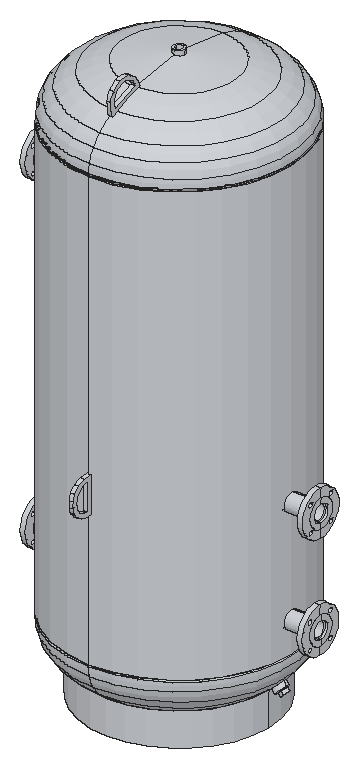
Revit family "HBT-210-22", category Generic Models, Revit 2014
Parameters (values of type "HBT-210-22")
  height [instance] = 75"
  URL = "http://westank.com/"
  Tank Volume = 210 gal
  Part Number = 55642122
  Model = "HBT-210-22"
  Maximum Shipping Weight = 408 lbf
  G = 14"
  F = 28"
  E = 58"
  Description = "Wessels ASME 4 Port Hot Water Buffer Tanks (HBT) are designed for use with today’s high efficiency systems that incorporate small modular low-mass boiler."
  D = 76 1/2"
  C = 30"
  B = 2"
  A = 2"
Reference planes (in)
  plane 1 "Center (Front/Back)": y = 0
  plane 2: z = 0
  plane 3 "Center (Left/Right)": x = 0
  plane 4: through (12.55282, -180, 5.24135) normal (0.8192, 0, -0.5736)
  plane 5: x = -15
  plane 6: x = 15
  plane 7: z = 0
  plane 8: y = 15
  plane 9: y = -15
  plane 10: x = -12
  plane 11: x = 12
  plane 12: z = 76.5
  plane 13: z = 58
  plane 14: z = 28
  plane 15: z = 14
Forms (in)
  Revolve 1, solid
    sketch origin (0, -0.02461, 0) x (0, 1, 0) y (0, 0, 1)
      loop
        line (-14.97539, 9.87397) -> (-14.812, 9.87397)
        arc (-14.812, 9.87397) -> (-14.83596, 9.78454) -> (-14.90143, 9.71907) r 0.17887
        arc (-14.90143, 9.71907) -> (-14.94991, 9.64836) -> (-14.97579, 9.56662) r 0.29232
        arc (-14.97579, 9.56662) -> (-14.96586, 8.98455) -> (-14.89468, 8.40676) r 5.51955
        arc (-14.89468, 8.40676) -> (-14.65184, 7.56116) -> (-14.23912, 6.78419) r 4.22443
        arc (-14.23912, 6.78419) -> (-13.71208, 6.0842) -> (-13.11424, 5.44361) r 8.30764
        arc (-13.11424, 5.44361) -> (-11.99363, 4.5369) -> (-10.73315, 3.83755) r 8.30764
        arc (-10.73315, 3.83755) -> (-9.02248, 3.06195) -> (-7.23223, 2.49367) r 15.88746
        arc (-7.23223, 2.49367) -> (-3.63165, 1.79117) -> (0.02461, 1.49214) r 33.04234
        line (0.02461, 1.49214) -> (0.02461, 1.66407)
        arc (0.02461, 1.66407) -> (-3.61037, 1.96174) -> (-7.19, 2.66027) r 32.87047
        arc (-7.19, 2.66027) -> (-8.96351, 3.22342) -> (-10.65802, 3.99223) r 15.71558
        arc (-10.65802, 3.99223) -> (-11.8952, 4.67783) -> (-12.99495, 5.56734) r 8.13577
        arc (-12.99495, 5.56734) -> (-13.58042, 6.19468) -> (-14.09655, 6.88019) r 8.13577
        arc (-14.09655, 6.88019) -> (-14.49248, 7.62554) -> (-14.72544, 8.43674) r 4.05256
        arc (-14.72544, 8.43674) -> (-14.79395, 8.9901) -> (-14.80447, 9.54759) r 5.34767
        arc (-14.80447, 9.54759) -> (-14.7971, 9.56945) -> (-14.78569, 9.5895) r 0.12044
        arc (-14.78569, 9.5895) -> (-14.67439, 9.72277) -> (-14.64064, 9.89308) r 0.35074
        line (-14.64064, 9.89308) -> (-14.84715, 9.89308) -> (-14.84715, 68.11189) -> (-14.64151, 68.11189)
        arc (-14.64151, 68.11189) -> (-14.67184, 68.28882) -> (-14.78573, 68.42758) r 0.35074
        arc (-14.78573, 68.42758) -> (-14.79712, 68.44763) -> (-14.80449, 68.46948) r 0.12045
        arc (-14.80449, 68.46948) -> (-14.79397, 69.02697) -> (-14.72546, 69.58033) r 5.34768
        arc (-14.72546, 69.58033) -> (-14.4925, 70.39153) -> (-14.09657, 71.13689) r 4.05257
        arc (-14.09657, 71.13689) -> (-13.58043, 71.8224) -> (-12.99497, 72.44973) r 8.13578
        arc (-12.99497, 72.44973) -> (-11.89524, 73.33924) -> (-10.65807, 74.02483) r 8.13578
        arc (-10.65807, 74.02483) -> (-8.96355, 74.79364) -> (-7.19005, 75.35678) r 15.71558
        arc (-7.19005, 75.35678) -> (-3.61055, 76.05529) -> (0.02429, 76.35297) r 32.87045
        line (0.02429, 76.35297) -> (0.02429, 76.52671)
        arc (0.02429, 76.52671) -> (-3.63245, 76.22766) -> (-7.2335, 75.52507) r 33.04334
        arc (-7.2335, 75.52507) -> (-9.02402, 74.95667) -> (-10.73493, 74.18092) r 15.88853
        arc (-10.73493, 74.18092) -> (-11.99625, 73.48117) -> (-13.11754, 72.57383) r 8.30893
        arc (-13.11754, 72.57383) -> (-13.7162, 71.93239) -> (-14.24389, 71.2314) r 8.30923
        arc (-14.24389, 71.2314) -> (-14.65697, 70.45395) -> (-14.90005, 69.6078) r 4.22701
        arc (-14.90005, 69.6078) -> (-14.97148, 69.02727) -> (-14.98111, 68.44244) r 5.52257
        arc (-14.98111, 68.44244) -> (-14.95423, 68.35606) -> (-14.90267, 68.28173) r 0.29803
        arc (-14.90267, 68.28173) -> (-14.837, 68.2147) -> (-14.81302, 68.12397) r 0.18362
        line (-14.81302, 68.12397) -> (-14.97539, 68.12397) -> (-14.97539, 9.87397)
      axis (0.02461, 1.49214) -> (0.02461, 76.52671)
    angle from 0 to 360
  Revolve 2, solid
    sketch origin (-1.82085, 0, 2.88409) x (0.981353, 0, -0.192215) y (0.192215, 0, 0.981353)
      loop
        line (14.71753, 6.11956) -> (14.66586, 6.1556) -> (14.25436, 5.56561) -> (14.86992, 5.13627) -> (15.24588, 5.6753) -> (15.19462, 5.71106) -> (15.31904, 5.88945) -> (14.80641, 6.24699) -> (14.71753, 6.11956)
      axis (14.25436, 5.56561) -> (14.86992, 5.13627)
    angle from 0 to 360
  Extrusion 3, solid
    sketch origin (13.38203, -180, 6.13049) x (0.718765, 0, 0.695254) y (0, -1, 0)
      loop
        line (-0.16036, -179.52645) -> (-0.95521, -179.68698) -> (-0.79485, -180.48095) -> (0, -180.32042) -> (-0.16036, -179.52645)
    from 1.02698 to 1.52678
  Extrusion 4, solid
    sketch origin (0, -3.06035, 6.47257) x (0, 1, 0) y (0, 0, 1)
      loop
        line (-11.93439, 21.33067) -> (-11.93439, 26.202)
        arc (-11.93439, 26.202) -> (-12.47846, 26.15164) -> (-13.01533, 26.05008) r 5.77422
        arc (-13.01533, 26.05008) -> (-13.49297, 25.89754) -> (-13.94252, 25.67548) r 3.35288
        arc (-13.94252, 25.67548) -> (-14.34081, 25.36666) -> (-14.64962, 24.96837) r 2.0073
        arc (-14.64962, 24.96837) -> (-14.80343, 24.58932) -> (-14.88788, 24.18906) r 2.30742
        arc (-14.88788, 24.18906) -> (-14.91277, 23.77188) -> (-14.88788, 23.3547) r 3.50846
        arc (-14.88788, 23.3547) -> (-14.79412, 22.92876) -> (-14.61961, 22.52904) r 2.24053
        arc (-14.61961, 22.52904) -> (-14.27401, 22.08806) -> (-13.80999, 21.77406) r 1.8078
        arc (-13.80999, 21.77406) -> (-13.34321, 21.55591) -> (-12.84107, 21.44044) r 2.44481
        arc (-12.84107, 21.44044) -> (-12.39043, 21.36326) -> (-11.93439, 21.33067) r 4.65484
      loop
        arc (-12.44611, 25.63929) -> (-12.67227, 25.60073) -> (-12.89654, 25.55235) r 5.2625
        arc (-12.89654, 25.55235) -> (-13.30128, 25.42308) -> (-13.68221, 25.23491) r 2.84116
        arc (-13.68221, 25.23491) -> (-13.97364, 25.01013) -> (-14.20134, 24.72098) r 1.49558
        arc (-14.20134, 24.72098) -> (-14.3163, 24.43235) -> (-14.37979, 24.12821) r 1.7957
        arc (-14.37979, 24.12821) -> (-14.40106, 23.77188) -> (-14.37979, 23.41555) r 2.99674
        arc (-14.37979, 23.41555) -> (-14.30745, 23.08689) -> (-14.17279, 22.77846) r 1.72881
        arc (-14.17279, 22.77846) -> (-13.91552, 22.45353) -> (-13.56884, 22.22643) r 1.29608
        arc (-13.56884, 22.22643) -> (-13.1779, 22.0402) -> (-12.75531, 21.94566) r 1.9331
        arc (-12.75531, 21.94566) -> (-12.60126, 21.91347) -> (-12.44611, 21.88716) r 4.14312
        line (-12.44611, 21.88716) -> (-12.44611, 25.63929)
    from -0.24366 to 0.25634
  Extrusion 5, solid
    sketch origin (0, -27.08534, 55.24184) x (0, 0.366501, -0.930418) y (0, 0.930418, 0.366501)
      loop
        arc (-12.0461, 25.71684) -> (-12.27227, 25.67827) -> (-12.49653, 25.62989) r 5.2625
        arc (-12.49653, 25.62989) -> (-12.90127, 25.50063) -> (-13.28221, 25.31246) r 2.84116
        arc (-13.28221, 25.31246) -> (-13.57363, 25.08767) -> (-13.80134, 24.79853) r 1.49558
        arc (-13.80134, 24.79853) -> (-13.9163, 24.50989) -> (-13.97979, 24.20576) r 1.7957
        arc (-13.97979, 24.20576) -> (-14.00105, 23.84943) -> (-13.97979, 23.4931) r 2.99674
        arc (-13.97979, 23.4931) -> (-13.90744, 23.16443) -> (-13.77279, 22.85601) r 1.72881
        arc (-13.77279, 22.85601) -> (-13.51552, 22.53108) -> (-13.16884, 22.30397) r 1.29608
        arc (-13.16884, 22.30397) -> (-12.77789, 22.11774) -> (-12.35531, 22.02321) r 1.9331
        arc (-12.35531, 22.02321) -> (-12.20126, 21.99102) -> (-12.0461, 21.9647) r 4.14312
        line (-12.0461, 21.9647) -> (-12.0461, 25.71684)
      loop
        line (-11.21056, 21.38893) -> (-11.21056, 26.21559)
        arc (-11.21056, 26.21559) -> (-12.19615, 26.22001) -> (-13.14349, 25.94808) r 3.48194
        arc (-13.14349, 25.94808) -> (-13.66357, 25.64991) -> (-14.11481, 25.25524) r 3.03185
        arc (-14.11481, 25.25524) -> (-14.39878, 24.60234) -> (-14.51622, 23.90011) r 2.91879
        arc (-14.51622, 23.90011) -> (-14.4511, 23.22451) -> (-14.20241, 22.59298) r 2.44012
        arc (-14.20241, 22.59298) -> (-13.8323, 22.13222) -> (-13.33474, 21.8133) r 1.83162
        arc (-13.33474, 21.8133) -> (-12.29509, 21.48877) -> (-11.21056, 21.38893) r 5.1769
    from -0.24366 to 0.25634
  Extrusion 6, solid
    sketch origin (0, 0, 4.5) x (1, 0, 0) y (0, 1, 0)
      loop
        circle (0, 0) r 0.75
      loop
        circle (0, 0) r 0.5
    from 71.36613 to 72.49354
  Extrusion 7, void
    sketch origin (0, 0, 0) x (1, 0, 0) y (0, 1, 0)
      loop
        circle (0, 0) r 0.5
    from 74.8543 to 78.07035
  Revolve 8, solid
    sketch origin (0, 0, 0) x (1, 0, 0) y (0, 0, 1)
      loop
        line (11.87609, 4.44941) -> (11.87609, 0) -> (12, 0) -> (12, 4.44941) -> (11.87609, 4.44941)
      axis (0, 4.44941) -> (0, 0)
    angle from 0 to 360
  Revolve 9, solid
    sketch origin (7.11882, 0, 45.28348) x (-1, 0, 0) y (0, 0, 1)
      loop
        line (24.99382, 11.53157) -> (24.99382, 10.96875) -> (25.24382, 10.96875) -> (25.24382, 9.71837) -> (25.93132, 9.71837) -> (25.93132, 10.90594) -> (25.99382, 10.90594) -> (25.99382, 11.53157) -> (24.99382, 11.53157)
      axis (25.99382, 12.71652) -> (24.99382, 12.71652)
    angle from 0 to 360
  Revolve 10, solid
    sketch origin (5.17131, 0, 45.5) x (1, 0, 0) y (0, 0, 1)
      loop
        line (-17.17131, 11.46847) -> (-23.67131, 11.46847) -> (-23.67131, 11.31445) -> (-17.17131, 11.31445) -> (-17.17131, 11.46847)
      axis (-23.67131, 12.5) -> (-17.17131, 12.5)
    angle from 0 to 360
  Extrusion 11, void
    sketch origin (-2.87592, 0, 45.00195) x (0, 1, 0) y (0, 0, -1)
      loop
        circle (1.68454, -14.67389) r 0.38273
      loop
        circle (-1.69766, -14.67389) r 0.37635
      loop
        circle (-1.66641, -11.31003) r 0.35289
      loop
        circle (1.70166, -11.31003) r 0.37084
    from 13.49462 to 18.49167
  Extrusion 12, void
    sketch origin (-0.90101, 0, 10) x (0, 1, 0) y (0, 0, 1)
      loop
        circle (0, 48) r 1.03153
    from -19.33473 to -7.9694
  Revolve 13, solid
    sketch origin (5.17131, 0, 1.5) x (1, 0, 0) y (0, 0, 1)
      loop
        line (-17.17131, 11.46847) -> (-23.67131, 11.46847) -> (-23.67131, 11.31445) -> (-17.17131, 11.31445) -> (-17.17131, 11.46847)
      axis (-23.67131, 12.5) -> (-17.17131, 12.5)
    angle from 0 to 360
  Extrusion 14, void
    sketch origin (-0.90101, 0, -34) x (0, 1, 0) y (0, 0, 1)
      loop
        circle (0, 48) r 1.03153
    from -19.33473 to -7.9694
  Revolve 15, solid
    sketch origin (-7.11882, 0, 1.28348) x (1, 0, 0) y (0, 0, 1)
      loop
        line (24.99382, 11.53157) -> (24.99382, 10.96875) -> (25.24382, 10.96875) -> (25.24382, 9.71837) -> (25.93132, 9.71837) -> (25.93132, 10.90594) -> (25.99382, 10.90594) -> (25.99382, 11.53157) -> (24.99382, 11.53157)
      axis (25.99382, 12.71652) -> (24.99382, 12.71652)
    angle from 0 to 360
  Revolve 16, solid
    sketch origin (-5.17131, 0, 1.5) x (-1, 0, 0) y (0, 0, -1)
      loop
        line (-17.17131, -11.46847) -> (-17.17131, -11.31445) -> (-23.67131, -11.31445) -> (-23.67131, -11.46847) -> (-17.17131, -11.46847)
      axis (-23.67131, -12.5) -> (-17.17131, -12.5)
    angle from 0 to 360
  Extrusion 17, void
    sketch origin (-2.87592, 0, 1.00195) x (0, 1, 0) y (0, 0, -1)
      loop
        circle (1.68454, -14.67389) r 0.38273
      loop
        circle (-1.69766, -14.67389) r 0.37635
      loop
        circle (-1.66641, -11.31003) r 0.35289
      loop
        circle (1.70166, -11.31003) r 0.37084
    from 13.49462 to 18.49167
  Extrusion 18, void
    sketch origin (2.87592, 0, 1.00195) x (0, 1, 0) y (0, 0, 1)
      loop
        circle (1.68454, 14.67389) r 0.38273
      loop
        circle (-1.69766, 14.67389) r 0.37635
      loop
        circle (-1.66641, 11.31003) r 0.35289
      loop
        circle (1.70166, 11.31003) r 0.37084
    from 13.49462 to 18.49167
  Revolve 19, solid
    sketch origin (-7.05645, 0, 15.28348) x (1, 0, 0) y (0, 0, 1)
      loop
        line (24.99382, 11.53157) -> (24.99382, 10.96875) -> (25.24382, 10.96875) -> (25.24382, 9.71837) -> (25.93132, 9.71837) -> (25.93132, 10.90594) -> (25.99382, 10.90594) -> (25.99382, 11.53157) -> (24.99382, 11.53157)
      axis (25.99382, 12.71652) -> (24.99382, 12.71652)
    angle from 0 to 360
  Revolve 20, solid
    sketch origin (-5.10894, 0, 15.5) x (-1, 0, 0) y (0, 0, -1)
      loop
        line (-17.17131, -11.46847) -> (-17.17131, -11.31445) -> (-23.67131, -11.31445) -> (-23.67131, -11.46847) -> (-17.17131, -11.46847)
      axis (-23.67131, -12.5) -> (-17.17131, -12.5)
    angle from 0 to 360
  Extrusion 21, void
    sketch origin (2.93829, 0, 15.00195) x (0, 1, 0) y (0, 0, 1)
      loop
        circle (1.68454, 14.67389) r 0.38273
      loop
        circle (-1.69766, 14.67389) r 0.37635
      loop
        circle (-1.66641, 11.31003) r 0.35289
      loop
        circle (1.70166, 11.31003) r 0.37084
    from 13.49462 to 18.49167
  Extrusion 22, void
    sketch origin (0.96338, 0, 4.24902) x (0, 1, 0) y (0, 0, 1)
      loop
        circle (0, 23.75098) r 1.03153
    from 10.06157 to 17.27456
  Revolve 23, solid
    sketch origin (7.11882, 0, 1.28348) x (-1, 0, 0) y (0, 0, 1)
      loop
        line (24.99382, 11.53157) -> (24.99382, 10.96875) -> (25.24382, 10.96875) -> (25.24382, 9.71837) -> (25.93132, 9.71837) -> (25.93132, 10.90594) -> (25.99382, 10.90594) -> (25.99382, 11.53157) -> (24.99382, 11.53157)
      axis (25.99382, 12.71652) -> (24.99382, 12.71652)
    angle from 0 to 360
  Extrusion 24, void
    sketch origin (0.96338, 0, -9.75098) x (0, 1, 0) y (0, 0, 1)
      loop
        circle (0, 23.75098) r 1.03153
    from 10.06157 to 17.27456
Cuts and joins
  joined: Extrusion 3, Extrusion 4, Extrusion 5, Extrusion 6, Revolve 8
  Extrusion 7, Extrusion 12, Extrusion 14, Extrusion 22, Extrusion 24 cuts Revolve 1
  Extrusion 11 cuts Revolve 9
  Extrusion 12 cuts Revolve 10
  Extrusion 14 cuts Revolve 13
  Extrusion 18 cuts Revolve 15
  Extrusion 21 cuts Revolve 19
  Extrusion 22, Extrusion 24 cuts Revolve 20
  Extrusion 17 cuts Revolve 23
Dimensions and locks (in)
  "D": plane 12 to level
  "E": plane 13 to plane 7
  "F": plane 14 to plane 7
  "G": plane 15 to plane 7
  "C": plane 6 to plane 5
  aligned and locked: plane 2 to level
  aligned and locked: Revolve 8 sketch curve to plane 3 "Center (Left/Right)"
Automatic sketch dimensions
  Revolve 1 sketch curve to Revolve 1 sketch curve = 0"  (x33)
  Revolve 1 sketch curve to plane 9 = 0"
  Revolve 1 sketch curve to plane 1 "Center (Front/Back)" = 0"  (x2)
  Revolve 1 sketch curve to Revolve 1 sketch curve = 0.01547"
  plane 9 to Revolve 1 sketch curve = 0.01547"
  Revolve 1 sketch curve to Revolve 1 sketch curve = 0.00578"
  Revolve 1 sketch curve to plane 9 = 0.12824"
  Revolve 1 sketch curve to Revolve 1 sketch curve = 0.03413"
  Revolve 1 sketch curve to Revolve 1 sketch curve = 9/256"
  Revolve 1 sketch curve to plane 9 = 0.28821"
  Revolve 1 sketch curve to plane 9 = 0.28822"
  Revolve 1 sketch curve to Revolve 1 sketch curve = 0.00078"
  Revolve 1 sketch curve to Revolve 1 sketch curve = 0.17151"
  Revolve 1 sketch curve to Revolve 1 sketch curve = 0.17135"
  Revolve 1 sketch curve to Revolve 1 sketch curve = 3.94929"
  Revolve 1 sketch curve to Revolve 1 sketch curve = 0.00287"
  Revolve 1 sketch curve to Revolve 1 sketch curve = 3.95216"
  Revolve 1 sketch curve to Revolve 1 sketch curve = 1.2728"
  Revolve 1 sketch curve to Revolve 1 sketch curve = 0.00246"
  Revolve 1 sketch curve to Revolve 1 sketch curve = 1.27526"
  Revolve 1 sketch curve to Revolve 1 sketch curve = 2.11145"
  Revolve 1 sketch curve to Revolve 1 sketch curve = 0.00084"
  Revolve 1 sketch curve to Revolve 1 sketch curve = 0.00187"
  Revolve 1 sketch curve to Revolve 1 sketch curve = 2.11171"
  plane 1 "Center (Front/Back)" to Revolve 1 sketch curve = 3.35442"
  Revolve 1 sketch curve to Revolve 1 sketch curve = 0.00082"
  plane 1 "Center (Front/Back)" to Revolve 1 sketch curve = 3.35353"
  plane 1 "Center (Front/Back)" to Revolve 1 sketch curve = 0.00031"
  Revolve 1 sketch curve to plane 1 "Center (Front/Back)" = 0.86039"
  Revolve 1 sketch curve to Revolve 1 sketch curve = 0.00067"
  Revolve 1 sketch curve to plane 1 "Center (Front/Back)" = 0.86116"
  level to Revolve 1 sketch curve = 1.49214"
  Revolve 1 sketch curve to Revolve 1 sketch curve = 0.17193"
  Revolve 1 sketch curve to plane 15 = 4.85634"
  Revolve 1 sketch curve to Revolve 1 sketch curve = 0.22592"
  Revolve 1 sketch curve to Revolve 1 sketch curve = 0.37656"
  Revolve 1 sketch curve to Revolve 1 sketch curve = 0.35376"
  Revolve 1 sketch curve to Revolve 1 sketch curve = 0.01911"  (x2)
  Revolve 1 sketch curve to plane 15 = 2.57575"
  plane 15 to Revolve 1 sketch curve = 3.89417"
  plane 14 to Revolve 1 sketch curve = 6.52326"
  Revolve 1 sketch curve to Revolve 1 sketch curve = 8.97055"
  Revolve 1 sketch curve to Revolve 1 sketch curve = 0.00077"
  plane 13 to Revolve 1 sketch curve = 2.12288"
  Revolve 1 sketch curve to Revolve 1 sketch curve = 0.00068"
  Revolve 1 sketch curve to Revolve 1 sketch curve = 6.46799"
  Revolve 1 sketch curve to Revolve 1 sketch curve = 0.00123"
  Revolve 1 sketch curve to Revolve 1 sketch curve = 0.00005"
  Revolve 1 sketch curve to Revolve 1 sketch curve = 1.52034"
  Revolve 1 sketch curve to Revolve 1 sketch curve = 0.01209"
  Revolve 1 sketch curve to Revolve 1 sketch curve = 0.3749"
  Revolve 1 sketch curve to Revolve 1 sketch curve = 0.01007"
  Revolve 1 sketch curve to Revolve 1 sketch curve = 2.05124"
  Revolve 1 sketch curve to Revolve 1 sketch curve = 0.00348"
  Revolve 1 sketch curve to Revolve 1 sketch curve = 0.2261"
  Revolve 1 sketch curve to Revolve 1 sketch curve = 0.0033"
  Revolve 1 sketch curve to plane 12 = 0.14703"
  plane 12 to Revolve 1 sketch curve = 0.02671"
  plane 9 to Revolve 1 sketch curve = 0.0004"
  plane 9 to Revolve 1 sketch curve = 0.00572"
  Revolve 1 sketch curve to plane 9 = 0.07272"
  Revolve 1 sketch curve to plane 9 = 0.07396"
  Revolve 1 sketch curve to Revolve 1 sketch curve = 0.11808"
  Revolve 1 sketch curve to Revolve 1 sketch curve = 0.11729"
  Revolve 1 sketch curve to Revolve 1 sketch curve = 0.01876"
  Revolve 1 sketch curve to Revolve 1 sketch curve = 0.01878"
  Revolve 1 sketch curve to Revolve 1 sketch curve = 0.14732"
  Revolve 1 sketch curve to Revolve 1 sketch curve = 0.97903"
  Revolve 1 sketch curve to Revolve 1 sketch curve = 0.98231"
  Revolve 1 sketch curve to Revolve 1 sketch curve = 0.12257"
  Revolve 1 sketch curve to Revolve 1 sketch curve = 0.1193"
  Revolve 1 sketch curve to plane 12 = 2.31908"
  Revolve 1 sketch curve to Revolve 1 sketch curve = 2.26179"
  Revolve 1 sketch curve to Revolve 1 sketch curve = 0.07686"
  Revolve 1 sketch curve to Revolve 1 sketch curve = 0.07513"
  plane 14 to Revolve 1 sketch curve = 0.89308"
  Revolve 1 sketch curve to Revolve 1 sketch curve = 1.88017"
  plane 4 to Revolve 2 sketch curve = 0.35169"
  plane 11 to Revolve 2 sketch curve = 1.2375"
  Revolve 2 sketch curve to Revolve 2 sketch curve = 0.4115"
  Revolve 2 sketch curve to Revolve 2 sketch curve = 0.05167"
  Revolve 2 sketch curve to Revolve 2 sketch curve = 0.08888"
  Revolve 2 sketch curve to Revolve 2 sketch curve = 0.61556"
  Revolve 2 sketch curve to Revolve 2 sketch curve = 0.47709"
  Revolve 2 sketch curve to Revolve 2 sketch curve = 0.05126"
  Revolve 2 sketch curve to Revolve 2 sketch curve = 0.42934"
  Revolve 2 sketch curve to Revolve 2 sketch curve = 0.12768"
  Revolve 2 sketch curve to Revolve 2 sketch curve = 0"  (x2)
  Revolve 2 sketch curve to Revolve 2 sketch curve = 0.08905"
  plane 1 "Center (Front/Back)" to Extrusion 3 sketch curve = 0.31302"
  Extrusion 3 sketch curve to plane 1 "Center (Front/Back)" = 0.48095"
  Extrusion 3 sketch curve to Extrusion 3 sketch curve = 0.16036"  (x2)
  plane 1 "Center (Front/Back)" to Extrusion 3 sketch curve = 0.47355"
  Extrusion 3 sketch curve to Extrusion 3 sketch curve = 0.79485"
  Extrusion 3 sketch curve to plane 1 "Center (Front/Back)" = 0.32042"
  Extrusion 4 sketch curve to Extrusion 4 sketch curve = 0"  (x24)
  plane 9 to Extrusion 4 sketch curve = 1.10144"
  Extrusion 4 sketch curve to Extrusion 4 sketch curve = 0.11966"
  Extrusion 4 sketch curve to Extrusion 4 sketch curve = 0.25819"
  Extrusion 4 sketch curve to Extrusion 4 sketch curve = 17/256"
  Extrusion 4 sketch curve to Extrusion 4 sketch curve = 0.04958"
  plane 9 to Extrusion 4 sketch curve = 0.50646"
  plane 9 to Extrusion 4 sketch curve = 0.29731"
  Extrusion 4 sketch curve to plane 9 = 0.00526"
  Extrusion 4 sketch curve to plane 9 = 0.10864"
  Extrusion 4 sketch curve to plane 9 = 0.26481"
  Extrusion 4 sketch curve to plane 9 = 0.53533"
  Extrusion 4 sketch curve to plane 14 = 1.09381"
  Extrusion 4 sketch curve to plane 14 = 0.19675"
  plane 14 to Extrusion 4 sketch curve = 0.35973"
  Extrusion 4 sketch curve to Extrusion 4 sketch curve = 0.90165"
  Extrusion 4 sketch curve to Extrusion 4 sketch curve = 0.62139"
  Extrusion 4 sketch curve to Extrusion 4 sketch curve = 27/128"
  Extrusion 4 sketch curve to Extrusion 4 sketch curve = 0.15076"
  Extrusion 4 sketch curve to Extrusion 4 sketch curve = 0.24641"
  Extrusion 4 sketch curve to Extrusion 4 sketch curve = 0.04716"
  Extrusion 4 sketch curve to Extrusion 4 sketch curve = 0.0326"
  Extrusion 4 sketch curve to Extrusion 4 sketch curve = 1.7246"
  Extrusion 4 sketch curve to Extrusion 4 sketch curve = 0.34507"
  Extrusion 4 sketch curve to Extrusion 4 sketch curve = 0.21764"
  plane 14 to Extrusion 4 sketch curve = 0.699"
  Extrusion 4 sketch curve to Extrusion 4 sketch curve = 1.12273"
  Extrusion 4 sketch curve to Extrusion 4 sketch curve = 0.78568"
  plane 14 to Extrusion 4 sketch curve = 0.24664"
  Extrusion 4 sketch curve to Extrusion 4 sketch curve = 0.24115"
  Extrusion 4 sketch curve to Extrusion 4 sketch curve = 0.2603"
  Extrusion 4 sketch curve to Extrusion 4 sketch curve = 0.51913"
  Extrusion 4 sketch curve to Extrusion 4 sketch curve = 0.44829"
  Extrusion 5 sketch curve to plane 12 = 0.88838"
  Extrusion 5 sketch curve to plane 9 = 5.13509"
  Extrusion 5 sketch curve to Extrusion 5 sketch curve = 0.03301"
  Extrusion 5 sketch curve to Extrusion 5 sketch curve = 0.08665"
  Extrusion 5 sketch curve to Extrusion 5 sketch curve = 0.34483"
  Extrusion 5 sketch curve to Extrusion 5 sketch curve = 17/256"
  Extrusion 5 sketch curve to Extrusion 5 sketch curve = 0.04958"
  Extrusion 5 sketch curve to Extrusion 5 sketch curve = 0.06885"
  Extrusion 5 sketch curve to Extrusion 5 sketch curve = 0.15073"
  Extrusion 5 sketch curve to Extrusion 5 sketch curve = 0.36028"
  Extrusion 5 sketch curve to Extrusion 5 sketch curve = 0.06601"
  Extrusion 5 sketch curve to Extrusion 5 sketch curve = 0.11815"
  Extrusion 5 sketch curve to Extrusion 5 sketch curve = 0.47821"
  Extrusion 5 sketch curve to Extrusion 5 sketch curve = 0.6151"
  Extrusion 5 sketch curve to Extrusion 5 sketch curve = 0.15011"
  Extrusion 5 sketch curve to Extrusion 5 sketch curve = 0.77126"
  Extrusion 5 sketch curve to Extrusion 5 sketch curve = 0.22045"
  Extrusion 5 sketch curve to Extrusion 5 sketch curve = 0.59588"
  Extrusion 5 sketch curve to Extrusion 5 sketch curve = 0.3061"
  Extrusion 5 sketch curve to Extrusion 5 sketch curve = 0.31529"
  Extrusion 5 sketch curve to Extrusion 5 sketch curve = 0.0954"
  Extrusion 5 sketch curve to Extrusion 5 sketch curve = 0.80625"
  Extrusion 5 sketch curve to Extrusion 5 sketch curve = 0.57577"
  Extrusion 5 sketch curve to Extrusion 5 sketch curve = 0.87777"
  Extrusion 5 sketch curve to Extrusion 5 sketch curve = 0.00686"
  Extrusion 5 sketch curve to Extrusion 5 sketch curve = 0.20406"
  Extrusion 5 sketch curve to Extrusion 5 sketch curve = 0.59172"
  Extrusion 5 sketch curve to Extrusion 5 sketch curve = 0.09548"
  Extrusion 5 sketch curve to Extrusion 5 sketch curve = 0.07607"
  Extrusion 5 sketch curve to Extrusion 5 sketch curve = 0.15093"
  Extrusion 5 sketch curve to Extrusion 5 sketch curve = 0.04716"
  Extrusion 5 sketch curve to Extrusion 5 sketch curve = 0.0326"
  Extrusion 5 sketch curve to Extrusion 5 sketch curve = 1.7246"
  Extrusion 5 sketch curve to Extrusion 5 sketch curve = 0.34507"
  Extrusion 5 sketch curve to Extrusion 5 sketch curve = 0.15369"
  Extrusion 5 sketch curve to Extrusion 5 sketch curve = 0.34976"
  Extrusion 5 sketch curve to Extrusion 5 sketch curve = 0"  (x6)
  Extrusion 5 sketch curve to Extrusion 5 sketch curve = 0.1659"
  Extrusion 5 sketch curve to Extrusion 5 sketch curve = 0.13872"
  Extrusion 5 sketch curve to Extrusion 5 sketch curve = 0.42962"
  Extrusion 5 sketch curve to Extrusion 5 sketch curve = 0.51913"
  Extrusion 5 sketch curve to Extrusion 5 sketch curve = 0.31348"
  Extrusion 6 sketch curve to Extrusion 6 sketch curve = 0"  (x2)
  plane 1 "Center (Front/Back)" to Extrusion 6 sketch curve = 0"
  Extrusion 6 sketch curve to plane 3 "Center (Left/Right)" = 0"
  Extrusion 7 sketch curve to Extrusion 7 sketch curve = 0"  (x2)
  plane 1 "Center (Front/Back)" to Extrusion 7 sketch curve = 0"
  Extrusion 7 sketch curve to plane 3 "Center (Left/Right)" = 0"
  Extrusion 7 sketch curve to plane 3 "Center (Left/Right)" = 1/2"
  Revolve 8 sketch curve to level = 0"
  Revolve 8 sketch curve to plane 11 = 0"
  Revolve 8 sketch curve to plane 11 = 0.12391"
  level to Revolve 8 sketch curve = 4.44941"
  level to Revolve 8 sketch curve = 4.69941"
  Revolve 8 sketch curve to Revolve 8 sketch curve = 1"
  Revolve 9 sketch curve to plane 13 = 0"
  Revolve 9 sketch curve to plane 10 = 0"
  plane 5 to Revolve 9 sketch curve = 2 7/8"
  Revolve 9 sketch curve to Revolve 9 sketch curve = 1/4"
  Revolve 9 sketch curve to Revolve 9 sketch curve = 11/16"
  Revolve 9 sketch curve to Revolve 9 sketch curve = 1/16"
  plane 13 to Revolve 9 sketch curve = 1.18495"
  Revolve 9 sketch curve to Revolve 9 sketch curve = 0.56282"
  Revolve 9 sketch curve to Revolve 9 sketch curve = 0.62563"
  Revolve 9 sketch curve to Revolve 9 sketch curve = 1.25038"
  plane 3 "Center (Left/Right)" to Revolve 9 sketch curve = 4 3/4"
  Revolve 10 sketch curve to plane 10 = 0"
  Revolve 10 sketch curve to plane 13 = 0"
  Revolve 10 sketch curve to plane 13 = 1.03153"
  Revolve 10 sketch curve to plane 5 = 3 1/2"
  Revolve 10 sketch curve to Revolve 10 sketch curve = 0.15401"
  plane 10 to Revolve 10 sketch curve = 1/4"
  Revolve 10 sketch curve to Revolve 10 sketch curve = 3/4"
  plane 1 "Center (Front/Back)" to Extrusion 11 sketch curve = 1.69766"
  plane 1 "Center (Front/Back)" to Extrusion 11 sketch curve = 1.66641"
  Extrusion 11 sketch curve to plane 1 "Center (Front/Back)" = 1.68454"
  Extrusion 11 sketch curve to plane 1 "Center (Front/Back)" = 1.70166"
  plane 13 to Extrusion 11 sketch curve = 1.67584"  (x2)
  Extrusion 11 sketch curve to plane 13 = 1.68801"  (x2)
  Extrusion 12 sketch curve to Extrusion 12 sketch curve = 0"  (x2)
  Extrusion 12 sketch curve to plane 1 "Center (Front/Back)" = 0"
  Extrusion 12 sketch curve to plane 13 = 0"
  Extrusion 12 sketch curve to Extrusion 12 sketch curve = 1.03153"
  Revolve 13 sketch curve to plane 10 = 0"
  Revolve 13 sketch curve to plane 15 = 0"
  Revolve 13 sketch curve to plane 15 = 1.03153"
  Revolve 13 sketch curve to plane 5 = 3 1/2"
  Revolve 13 sketch curve to Revolve 13 sketch curve = 0.15401"
  plane 10 to Revolve 13 sketch curve = 1/4"
  Revolve 13 sketch curve to Revolve 13 sketch curve = 3/4"
  Extrusion 14 sketch curve to Extrusion 14 sketch curve = 0"  (x2)
  Extrusion 14 sketch curve to plane 1 "Center (Front/Back)" = 0"
  Extrusion 14 sketch curve to plane 15 = 0"
  Extrusion 14 sketch curve to Extrusion 14 sketch curve = 1.03153"
  Revolve 15 sketch curve to plane 15 = 0"
  Revolve 15 sketch curve to plane 11 = 0"
  plane 6 to Revolve 15 sketch curve = 2 7/8"
  Revolve 15 sketch curve to Revolve 15 sketch curve = 1/4"
  Revolve 15 sketch curve to Revolve 15 sketch curve = 11/16"
  Revolve 15 sketch curve to Revolve 15 sketch curve = 1/16"
  Revolve 15 sketch curve to plane 15 = 1.18495"
  Revolve 15 sketch curve to Revolve 15 sketch curve = 0.56282"
  Revolve 15 sketch curve to Revolve 15 sketch curve = 0.62563"
  Revolve 15 sketch curve to Revolve 15 sketch curve = 1.25038"
  plane 3 "Center (Left/Right)" to Revolve 15 sketch curve = 4 3/4"
  Revolve 16 sketch curve to plane 11 = 0"
  Revolve 16 sketch curve to plane 15 = 0"
  Revolve 16 sketch curve to plane 15 = 1.03153"
  plane 6 to Revolve 16 sketch curve = 3 1/2"
  Revolve 16 sketch curve to Revolve 16 sketch curve = 0.15401"
  Revolve 16 sketch curve to plane 11 = 1/4"
  Revolve 16 sketch curve to Revolve 16 sketch curve = 3/4"
  plane 1 "Center (Front/Back)" to Extrusion 17 sketch curve = 1.69766"
  plane 1 "Center (Front/Back)" to Extrusion 17 sketch curve = 1.66641"
  Extrusion 17 sketch curve to plane 1 "Center (Front/Back)" = 1.68454"
  Extrusion 17 sketch curve to plane 1 "Center (Front/Back)" = 1.70166"
  plane 15 to Extrusion 17 sketch curve = 1.67584"  (x2)
  Extrusion 17 sketch curve to plane 15 = 1.68801"  (x2)
  plane 1 "Center (Front/Back)" to Extrusion 18 sketch curve = 1.69766"
  plane 1 "Center (Front/Back)" to Extrusion 18 sketch curve = 1.66641"
  Extrusion 18 sketch curve to plane 1 "Center (Front/Back)" = 1.68454"
  Extrusion 18 sketch curve to plane 1 "Center (Front/Back)" = 1.70166"
  Extrusion 18 sketch curve to plane 15 = 1.68801"  (x2)
  plane 15 to Extrusion 18 sketch curve = 1.67584"  (x2)
  Revolve 19 sketch curve to plane 14 = 0"
  plane 6 to Revolve 19 sketch curve = 2.93736"
  Revolve 19 sketch curve to Revolve 19 sketch curve = 1/4"
  Revolve 19 sketch curve to Revolve 19 sketch curve = 11/16"
  Revolve 19 sketch curve to Revolve 19 sketch curve = 1/16"
  Revolve 19 sketch curve to plane 14 = 1.18495"
  Revolve 19 sketch curve to Revolve 19 sketch curve = 0.56282"
  Revolve 19 sketch curve to Revolve 19 sketch curve = 0.62563"
  Revolve 19 sketch curve to Revolve 19 sketch curve = 1.25038"
  plane 11 to Revolve 19 sketch curve = 0.06237"
  plane 3 "Center (Left/Right)" to Revolve 19 sketch curve = 4.81237"
  Revolve 20 sketch curve to plane 14 = 0"
  Revolve 20 sketch curve to plane 14 = 1.03153"
  plane 6 to Revolve 20 sketch curve = 3.56237"
  plane 11 to Revolve 20 sketch curve = 0.06237"
  Revolve 20 sketch curve to Revolve 20 sketch curve = 0.15401"
  Revolve 20 sketch curve to plane 11 = 0.18763"
  Revolve 20 sketch curve to Revolve 20 sketch curve = 3/4"
  plane 1 "Center (Front/Back)" to Extrusion 21 sketch curve = 1.69766"
  plane 1 "Center (Front/Back)" to Extrusion 21 sketch curve = 1.66641"
  Extrusion 21 sketch curve to plane 1 "Center (Front/Back)" = 1.68454"
  Extrusion 21 sketch curve to plane 1 "Center (Front/Back)" = 1.70166"
  Extrusion 21 sketch curve to plane 14 = 1.68801"  (x2)
  plane 14 to Extrusion 21 sketch curve = 1.67584"  (x2)
  Extrusion 22 sketch curve to Extrusion 22 sketch curve = 0"  (x2)
  Extrusion 22 sketch curve to plane 1 "Center (Front/Back)" = 0"
  Extrusion 22 sketch curve to plane 14 = 0"
  Extrusion 22 sketch curve to plane 14 = 1.03153"
  Revolve 23 sketch curve to plane 15 = 0"
  Revolve 23 sketch curve to plane 10 = 0"
  plane 5 to Revolve 23 sketch curve = 2 7/8"
  Revolve 23 sketch curve to Revolve 23 sketch curve = 1/4"
  Revolve 23 sketch curve to Revolve 23 sketch curve = 11/16"
  Revolve 23 sketch curve to Revolve 23 sketch curve = 1/16"
  plane 15 to Revolve 23 sketch curve = 1.18495"
  Revolve 23 sketch curve to Revolve 23 sketch curve = 0.56282"
  Revolve 23 sketch curve to Revolve 23 sketch curve = 0.62563"
  Revolve 23 sketch curve to Revolve 23 sketch curve = 1.25038"
  plane 3 "Center (Left/Right)" to Revolve 23 sketch curve = 4 3/4"
  Extrusion 24 sketch curve to Extrusion 24 sketch curve = 0"  (x2)
  Extrusion 24 sketch curve to plane 1 "Center (Front/Back)" = 0"
  Extrusion 24 sketch curve to plane 15 = 0"
  Extrusion 24 sketch curve to plane 15 = 1.03153"
  radius of Extrusion 6 sketch curve = 3/4"
  radius of Extrusion 6 sketch curve = 1/2"
  radius of Extrusion 11 sketch curve = 0.38273"
  radius of Extrusion 11 sketch curve = 0.37635"
  radius of Extrusion 11 sketch curve = 0.35289"
  radius of Extrusion 11 sketch curve = 0.37084"
  radius of Extrusion 17 sketch curve = 0.38273"
  radius of Extrusion 17 sketch curve = 0.37635"
  radius of Extrusion 17 sketch curve = 0.35289"
  radius of Extrusion 17 sketch curve = 0.37084"
  radius of Extrusion 18 sketch curve = 0.38273"
  radius of Extrusion 18 sketch curve = 0.37635"
  radius of Extrusion 18 sketch curve = 0.35289"
  radius of Extrusion 18 sketch curve = 0.37084"
  radius of Extrusion 21 sketch curve = 0.38273"
  radius of Extrusion 21 sketch curve = 0.37635"
  radius of Extrusion 21 sketch curve = 0.35289"
  radius of Extrusion 21 sketch curve = 0.37084"
Connectors (in)
  piping at (-18.875, 0, 58), diameter 2, driven by "B"
    settings: on Revolve 9, index 9, connector inside diameter 24", connector length 0", flow factor 0, pipe flow 0 GPM, pressure drop 0.00 psi, fitting loss kfactor 0, connector angle 0.00°, fixture units 0, engagement length 0", angle of deflection 0.00°, flow configuration 0, flow direction 0, fitting loss method 0, system type 7, joint type 0, gender type 0, connector reference index -1, connector utility 0, adjustable connector no, is connector primary yes, connector description ""
  piping at (18.93737, 0, 28), diameter 2, driven by "A"
    settings: on Revolve 19, index 11, connector inside diameter 24", connector length 0", flow factor 0, pipe flow 0 GPM, pressure drop 0.00 psi, fitting loss kfactor 0, connector angle 0.00°, fixture units 0, engagement length 0", angle of deflection 0.00°, flow configuration 0, flow direction 0, fitting loss method 0, system type 7, joint type 0, gender type 0, connector reference index -1, connector utility 0, adjustable connector no, is connector primary no, connector description ""
  piping at (18.875, 0, 14), diameter 2, driven by "A"
    settings: on Revolve 15, index 12, connector inside diameter 24", connector length 0", flow factor 0, pipe flow 0 GPM, pressure drop 0.00 psi, fitting loss kfactor 0, connector angle 0.00°, fixture units 0, engagement length 0", angle of deflection 0.00°, flow configuration 0, flow direction 0, fitting loss method 0, system type 7, joint type 0, gender type 0, connector reference index -1, connector utility 0, adjustable connector no, is connector primary no, connector description ""
  piping at (-18.875, 0, 58), diameter 2, driven by "B"
    settings: on Revolve 9, index 14, connector inside diameter 24", connector length 0", flow factor 0, pipe flow 0 GPM, pressure drop 0.00 psi, fitting loss kfactor 0, connector angle 0.00°, fixture units 0, engagement length 0", angle of deflection 0.00°, flow configuration 0, flow direction 0, fitting loss method 0, system type 7, joint type 0, gender type 0, connector reference index -1, connector utility 0, adjustable connector no, is connector primary no, connector description ""
  piping at (-18.875, 0, 14), diameter 2, driven by "B"
    settings: on Revolve 23, index 15, connector inside diameter 24", connector length 0", flow factor 0, pipe flow 0 GPM, pressure drop 0.00 psi, fitting loss kfactor 0, connector angle 0.00°, fixture units 0, engagement length 0", angle of deflection 0.00°, flow configuration 0, flow direction 0, fitting loss method 0, system type 7, joint type 0, gender type 0, connector reference index -1, connector utility 0, adjustable connector no, is connector primary no, connector description ""
